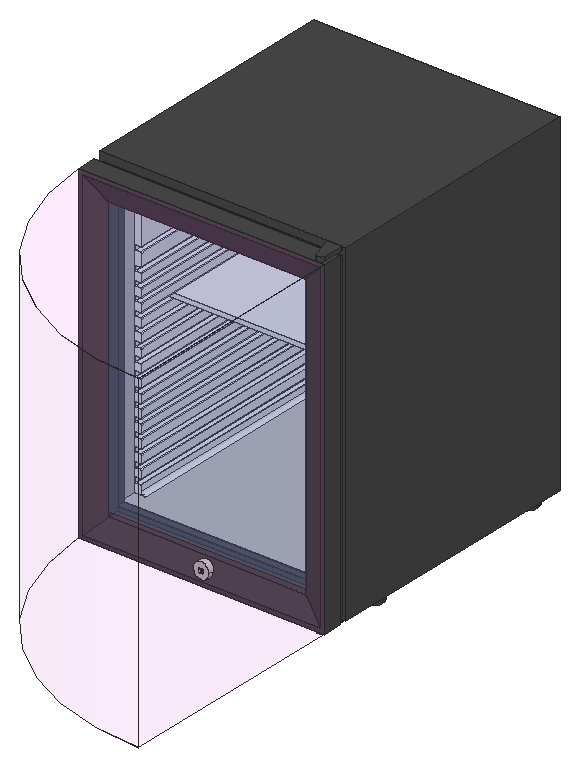
Revit family "Qf_Summit_MB27G_16 inches Wide Compact Minibar", category Specialty Equipment, Revit 2020
Family settings
  Round Connector Dimension = Use Diameter
  Part Type = Normal
  Work Plane-Based = No
  Always vertical = Yes
  Cut with Voids When Loaded = No
  Shared = No
  Room Calculation Point = No
Parameters
  Weight in Pounds = 55
  Watts = 259000 W
  Volts = 115 V
  URL Cutsheet = ""
  Specification by User = ""
  Specification by Manufacturer = ""
  Show Clearance [instance] = yes
  Serial Number = ""
  Seismic Rating = ""
  SMACNA No = ""
  Revision Code = ""
  Refrigerant Volume = 0.00 kip
  Refrigerant Type = "R600a"
  Phase = 1
  Number of Poles = 1
  NAFEM Spec ID Number = ""
  Model = "MB27G"
  Min Ckt Ampacity = 0 A
  Max Overcurrent Protection = 0 A
  Masterspec = ""
  Manufacturer = "Summit"
  Length = 15 7/8"
  Item Number = ""
  Installed By = ""
  Identify Quantity as Lot = yes
  Height = 22 1/4"
  HP = ""
  Furnished By = ""
  Foodservice Equipment Identifier = yes
  FL Amps = 0.4 A
  Electrical Remarks = ""
  Electric Connection Type = ""
  Elec Conn RI Height = 0"
  Elec Conn Connection Height = 0"
  Description = "16\" Wide Compact Minibar"
  Depth = 19"
  Default Elevation = 0"
  Cycle = 60 Hz
  Conn Plug = ""
  Conn Conduit = yes
  CSI MasterFormat = ""
  BTUH = 0.0 Btu/h
  Apparent Power = if(Phase = 3, Volts * FL Amps * 1.73, Volts * FL Amps)  # 46 VA
Reference planes (in)
  plane 1 "BACK": y = 0
  plane 2: z = 0
  plane 3 "LEFT": x = 0
  plane 4 "RIGHT": x = 15.875
  plane 5 "FRONT": y = -19
  plane 6 "TOP": z = 22.25
  plane 7 "Center Y": x = 7.9375
  plane 8 "Center X": y = -9.5
  plane 9: z = 0.625
  plane 10: y = -34
  plane 11: y = -17.25
  plane 12: y = -17.75
  plane 13: z = 22
  plane 14: z = 20.4375
  plane 15: z = 2.5625
Forms (in)
  Extrusion 1, solid, material "QF_Plastic_Epoxy_Black"
    sketch origin (0, 0, 22.25) x (1, 0, 0) y (0, 1, 0)
      loop
        line (14.71697, -17.25011) -> (15.13485, -18.69458)
        arc (15.13485, -18.69458) -> (15.41008, -18.87263) -> (15.625, -18.62511) r 0.25
        line (15.625, -18.62511) -> (15.625, -17.31261)
        arc (15.625, -17.31261) -> (15.60669, -17.26841) -> (15.5625, -17.25011) r 0.0625
        line (15.5625, -17.25011) -> (14.71697, -17.25011)
    from -0.25 to 0
  Extrusion 2, solid, material "QF_Plastic_Epoxy_Black"
    sketch origin (0, 0, 0.87467) x (1, 0, 0) y (0, 1, 0)
      loop
        arc (15.13485, -18.69458) -> (15.41008, -18.87263) -> (15.625, -18.62511) r 0.25
        line (15.625, -18.62511) -> (15.625, -16.96875)
        arc (15.625, -16.96875) -> (15.60669, -16.92456) -> (15.5625, -16.90625) r 0.0625
        line (15.5625, -16.90625) -> (14.6175, -16.90625) -> (15.13485, -18.69458)
    from -0.38975 to -0.24967
  Extrusion 3, solid, material "QF_Plastic_Epoxy_Black"
    sketch origin (0, 0, 22.25) x (1, 0, 0) y (0, 1, 0)
      loop
        line (0.25, -17.25) -> (0.25, -17.75) -> (15.625, -17.75) -> (15.625, -17.25) -> (0.25, -17.25)
    from -0.5 to -21.375
  Revolve 4, solid, material "QF_Plastic_Epoxy_Black"
    sketch origin (-0.25, -13.75, 0) x (0, 0, 1) y (-1, 0, 0)
      loop
        line (0.625, -1) -> (0.37596, -1) -> (0.37596, -0.65625) -> (0, -0.65625) -> (0, -1.25) -> (0.625, -1.25) -> (0.625, -1)
      axis (0, -1.25) -> (0.625, -1.25)
    angle from 0 to 360
  Revolve 5, solid, material "QF_Plastic_Epoxy_Black"
    sketch origin (-0.25, -1.25, 0) x (0, 0, 1) y (-1, 0, 0)
      loop
        line (0.625, -1) -> (0.37596, -1) -> (0.37596, -0.65625) -> (0, -0.65625) -> (0, -1.25) -> (0.625, -1.25) -> (0.625, -1)
      axis (0, -1.25) -> (0.625, -1.25)
    angle from 0 to 360
  Extrusion 6, solid, material "QF_Clearances_Door_Drawer"
    sketch origin (0, 0, 22.25) x (1, 0, 0) y (0, 1, 0)
      loop
        arc (0, -19) -> (4.93079, -29.6821) -> (15.875, -34) r 15.80892
        line (15.875, -34) -> (15.875, -19) -> (0, -19)
    from -21.625 to -0.25
  Extrusion 7, void
    sketch origin (15.73197, -18.54004, 0) x (1, 0, 0) y (0, 0, -1)
      loop
        line (-14.23197, -20.4375) -> (-1.35697, -20.4375) -> (-1.35697, -2.5) -> (-14.23197, -2.5) -> (-14.23197, -20.4375)
    from -0.45996 to 1.29004
  Extrusion 8, void
    sketch origin (23.88, 0, 0) x (0, 1, 0) y (0, 0, 1)
      loop
        line (-17.25, 20.4375) -> (-17.25, 2.5) -> (-1.84913, 2.5) -> (-1.84913, 20.4375) -> (-17.25, 20.4375)
    from -22.5675 to -9.3175
  Extrusion 9, solid, material "Glass"
    sketch origin (0, -17.75, 0) x (1, 0, 0) y (0, 0, -1)
      loop
        line (1.5, -20.4375) -> (14.375, -20.4375) -> (14.375, -2.5) -> (1.5, -2.5) -> (1.5, -20.4375)
    from -0.79004 to 0
  Extrusion 10, solid, material "QF_Plastic_White_Smooth"
    sketch origin (7.9375, -18.94531, 1.75) x (0, 0, -1) y (1, 0, 0)
      loop
        line (-18.6875, -5.875) -> (-18.6875, -6.625) -> (-0.75, -6.625) -> (-0.75, -5.875)
        arc (-0.75, -5.875) -> (-0.82322, -6.05178) -> (-1, -6.125) r 0.25
        line (-1, -6.125) -> (-1.34375, -6.125)
        arc (-1.34375, -6.125) -> (-1.36585, -6.13415) -> (-1.375, -6.15625) r 0.03125
        line (-1.375, -6.15625) -> (-1.375, -6.46875)
        arc (-1.375, -6.46875) -> (-1.38415, -6.49085) -> (-1.40625, -6.5) r 0.03125
        line (-1.40625, -6.5) -> (-1.65625, -6.5)
        arc (-1.65625, -6.5) -> (-1.67835, -6.49085) -> (-1.6875, -6.46875) r 0.03125
        line (-1.6875, -6.46875) -> (-1.6875, -6.15625)
        arc (-1.6875, -6.15625) -> (-1.69665, -6.13415) -> (-1.71875, -6.125) r 0.03125
        line (-1.71875, -6.125) -> (-2.21875, -6.125)
        arc (-2.21875, -6.125) -> (-2.24085, -6.13415) -> (-2.25, -6.15625) r 0.03125
        line (-2.25, -6.15625) -> (-2.25, -6.46875)
        arc (-2.25, -6.46875) -> (-2.25915, -6.49085) -> (-2.28125, -6.5) r 0.03125
        line (-2.28125, -6.5) -> (-2.53125, -6.5)
        arc (-2.53125, -6.5) -> (-2.55335, -6.49085) -> (-2.5625, -6.46875) r 0.03125
        line (-2.5625, -6.46875) -> (-2.5625, -6.15625)
        arc (-2.5625, -6.15625) -> (-2.57165, -6.13415) -> (-2.59375, -6.125) r 0.03125
        line (-2.59375, -6.125) -> (-3.09375, -6.125)
        arc (-3.09375, -6.125) -> (-3.11585, -6.13415) -> (-3.125, -6.15625) r 0.03125
        line (-3.125, -6.15625) -> (-3.125, -6.46875)
        arc (-3.125, -6.46875) -> (-3.13415, -6.49085) -> (-3.15625, -6.5) r 0.03125
        line (-3.15625, -6.5) -> (-3.40625, -6.5)
        arc (-3.40625, -6.5) -> (-3.42835, -6.49085) -> (-3.4375, -6.46875) r 0.03125
        line (-3.4375, -6.46875) -> (-3.4375, -6.15625)
        arc (-3.4375, -6.15625) -> (-3.44665, -6.13415) -> (-3.46875, -6.125) r 0.03125
        line (-3.46875, -6.125) -> (-3.96875, -6.125)
        arc (-3.96875, -6.125) -> (-3.99085, -6.13415) -> (-4, -6.15625) r 0.03125
        line (-4, -6.15625) -> (-4, -6.46875)
        arc (-4, -6.46875) -> (-4.00915, -6.49085) -> (-4.03125, -6.5) r 0.03125
        line (-4.03125, -6.5) -> (-4.28125, -6.5)
        arc (-4.28125, -6.5) -> (-4.30335, -6.49085) -> (-4.3125, -6.46875) r 0.03125
        line (-4.3125, -6.46875) -> (-4.3125, -6.15625)
        arc (-4.3125, -6.15625) -> (-4.32165, -6.13415) -> (-4.34375, -6.125) r 0.03125
        line (-4.34375, -6.125) -> (-4.84375, -6.125)
        arc (-4.84375, -6.125) -> (-4.86585, -6.13415) -> (-4.875, -6.15625) r 0.03125
        line (-4.875, -6.15625) -> (-4.875, -6.46875)
        arc (-4.875, -6.46875) -> (-4.88415, -6.49085) -> (-4.90625, -6.5) r 0.03125
        line (-4.90625, -6.5) -> (-5.15625, -6.5)
        arc (-5.15625, -6.5) -> (-5.17835, -6.49085) -> (-5.1875, -6.46875) r 0.03125
        line (-5.1875, -6.46875) -> (-5.1875, -6.15625)
        arc (-5.1875, -6.15625) -> (-5.19665, -6.13415) -> (-5.21875, -6.125) r 0.03125
        line (-5.21875, -6.125) -> (-5.71875, -6.125)
        arc (-5.71875, -6.125) -> (-5.74085, -6.13415) -> (-5.75, -6.15625) r 0.03125
        line (-5.75, -6.15625) -> (-5.75, -6.46875)
        arc (-5.75, -6.46875) -> (-5.75915, -6.49085) -> (-5.78125, -6.5) r 0.03125
        line (-5.78125, -6.5) -> (-6.03125, -6.5)
        arc (-6.03125, -6.5) -> (-6.05335, -6.49085) -> (-6.0625, -6.46875) r 0.03125
        line (-6.0625, -6.46875) -> (-6.0625, -6.15625)
        arc (-6.0625, -6.15625) -> (-6.07165, -6.13415) -> (-6.09375, -6.125) r 0.03125
        line (-6.09375, -6.125) -> (-6.59375, -6.125)
        arc (-6.59375, -6.125) -> (-6.61585, -6.13415) -> (-6.625, -6.15625) r 0.03125
        line (-6.625, -6.15625) -> (-6.625, -6.46875)
        arc (-6.625, -6.46875) -> (-6.63415, -6.49085) -> (-6.65625, -6.5) r 0.03125
        line (-6.65625, -6.5) -> (-6.90625, -6.5)
        arc (-6.90625, -6.5) -> (-6.92835, -6.49085) -> (-6.9375, -6.46875) r 0.03125
        line (-6.9375, -6.46875) -> (-6.9375, -6.15625)
        arc (-6.9375, -6.15625) -> (-6.94665, -6.13415) -> (-6.96875, -6.125) r 0.03125
        line (-6.96875, -6.125) -> (-7.46875, -6.125)
        arc (-7.46875, -6.125) -> (-7.49085, -6.13415) -> (-7.5, -6.15625) r 0.03125
        line (-7.5, -6.15625) -> (-7.5, -6.46875)
        arc (-7.5, -6.46875) -> (-7.50915, -6.49085) -> (-7.53125, -6.5) r 0.03125
        line (-7.53125, -6.5) -> (-7.78125, -6.5)
        arc (-7.78125, -6.5) -> (-7.80335, -6.49085) -> (-7.8125, -6.46875) r 0.03125
        line (-7.8125, -6.46875) -> (-7.8125, -6.15625)
        arc (-7.8125, -6.15625) -> (-7.82165, -6.13415) -> (-7.84375, -6.125) r 0.03125
        line (-7.84375, -6.125) -> (-8.34375, -6.125)
        arc (-8.34375, -6.125) -> (-8.36585, -6.13415) -> (-8.375, -6.15625) r 0.03125
        line (-8.375, -6.15625) -> (-8.375, -6.46875)
        arc (-8.375, -6.46875) -> (-8.38415, -6.49085) -> (-8.40625, -6.5) r 0.03125
        line (-8.40625, -6.5) -> (-8.65625, -6.5)
        arc (-8.65625, -6.5) -> (-8.67835, -6.49085) -> (-8.6875, -6.46875) r 0.03125
        line (-8.6875, -6.46875) -> (-8.6875, -6.15625)
        arc (-8.6875, -6.15625) -> (-8.69665, -6.13415) -> (-8.71875, -6.125) r 0.03125
        line (-8.71875, -6.125) -> (-9.21875, -6.125)
        arc (-9.21875, -6.125) -> (-9.24085, -6.13415) -> (-9.25, -6.15625) r 0.03125
        line (-9.25, -6.15625) -> (-9.25, -6.46875)
        arc (-9.25, -6.46875) -> (-9.25915, -6.49085) -> (-9.28125, -6.5) r 0.03125
        line (-9.28125, -6.5) -> (-9.53125, -6.5)
        arc (-9.53125, -6.5) -> (-9.55335, -6.49085) -> (-9.5625, -6.46875) r 0.03125
        line (-9.5625, -6.46875) -> (-9.5625, -6.15625)
        arc (-9.5625, -6.15625) -> (-9.57165, -6.13415) -> (-9.59375, -6.125) r 0.03125
        line (-9.59375, -6.125) -> (-10.09375, -6.125)
        arc (-10.09375, -6.125) -> (-10.11585, -6.13415) -> (-10.125, -6.15625) r 0.03125
        line (-10.125, -6.15625) -> (-10.125, -6.46875)
        arc (-10.125, -6.46875) -> (-10.13415, -6.49085) -> (-10.15625, -6.5) r 0.03125
        line (-10.15625, -6.5) -> (-10.40625, -6.5)
        arc (-10.40625, -6.5) -> (-10.42835, -6.49085) -> (-10.4375, -6.46875) r 0.03125
        line (-10.4375, -6.46875) -> (-10.4375, -6.15625)
        arc (-10.4375, -6.15625) -> (-10.44665, -6.13415) -> (-10.46875, -6.125) r 0.03125
        line (-10.46875, -6.125) -> (-10.96875, -6.125)
        arc (-10.96875, -6.125) -> (-10.99085, -6.13415) -> (-11, -6.15625) r 0.03125
        line (-11, -6.15625) -> (-11, -6.46875)
        arc (-11, -6.46875) -> (-11.00915, -6.49085) -> (-11.03125, -6.5) r 0.03125
        line (-11.03125, -6.5) -> (-11.28125, -6.5)
        arc (-11.28125, -6.5) -> (-11.30335, -6.49085) -> (-11.3125, -6.46875) r 0.03125
        line (-11.3125, -6.46875) -> (-11.3125, -6.15625)
        arc (-11.3125, -6.15625) -> (-11.32165, -6.13415) -> (-11.34375, -6.125) r 0.03125
        line (-11.34375, -6.125) -> (-11.84375, -6.125)
        arc (-11.84375, -6.125) -> (-11.86585, -6.13415) -> (-11.875, -6.15625) r 0.03125
        line (-11.875, -6.15625) -> (-11.875, -6.46875)
        arc (-11.875, -6.46875) -> (-11.88415, -6.49085) -> (-11.90625, -6.5) r 0.03125
        line (-11.90625, -6.5) -> (-12.15625, -6.5)
        arc (-12.15625, -6.5) -> (-12.17835, -6.49085) -> (-12.1875, -6.46875) r 0.03125
        line (-12.1875, -6.46875) -> (-12.1875, -6.15625)
        arc (-12.1875, -6.15625) -> (-12.19665, -6.13415) -> (-12.21875, -6.125) r 0.03125
        line (-12.21875, -6.125) -> (-12.71875, -6.125)
        arc (-12.71875, -6.125) -> (-12.74085, -6.13415) -> (-12.75, -6.15625) r 0.03125
        line (-12.75, -6.15625) -> (-12.75, -6.46875)
        arc (-12.75, -6.46875) -> (-12.75915, -6.49085) -> (-12.78125, -6.5) r 0.03125
        line (-12.78125, -6.5) -> (-13.03125, -6.5)
        arc (-13.03125, -6.5) -> (-13.05335, -6.49085) -> (-13.0625, -6.46875) r 0.03125
        line (-13.0625, -6.46875) -> (-13.0625, -6.15625)
        arc (-13.0625, -6.15625) -> (-13.07165, -6.13415) -> (-13.09375, -6.125) r 0.03125
        line (-13.09375, -6.125) -> (-13.59375, -6.125)
        arc (-13.59375, -6.125) -> (-13.61585, -6.13415) -> (-13.625, -6.15625) r 0.03125
        line (-13.625, -6.15625) -> (-13.625, -6.46875)
        arc (-13.625, -6.46875) -> (-13.63415, -6.49085) -> (-13.65625, -6.5) r 0.03125
        line (-13.65625, -6.5) -> (-13.90625, -6.5)
        arc (-13.90625, -6.5) -> (-13.92835, -6.49085) -> (-13.9375, -6.46875) r 0.03125
        line (-13.9375, -6.46875) -> (-13.9375, -6.15625)
        arc (-13.9375, -6.15625) -> (-13.94665, -6.13415) -> (-13.96875, -6.125) r 0.03125
        line (-13.96875, -6.125) -> (-14.78125, -6.125)
        arc (-14.78125, -6.125) -> (-14.80335, -6.13415) -> (-14.8125, -6.15625) r 0.03125
        line (-14.8125, -6.15625) -> (-14.8125, -6.46875)
        arc (-14.8125, -6.46875) -> (-14.82165, -6.49085) -> (-14.84375, -6.5) r 0.03125
        line (-14.84375, -6.5) -> (-15.09375, -6.5)
        arc (-15.09375, -6.5) -> (-15.11585, -6.49085) -> (-15.125, -6.46875) r 0.03125
        line (-15.125, -6.46875) -> (-15.125, -6.15625)
        arc (-15.125, -6.15625) -> (-15.13415, -6.13415) -> (-15.15625, -6.125) r 0.03125
        line (-15.15625, -6.125) -> (-18.4375, -6.125)
        arc (-18.4375, -6.125) -> (-18.61428, -6.05178) -> (-18.6875, -5.875) r 0.25
      loop
        arc (-18.6875, 5.875) -> (-18.61428, 6.05178) -> (-18.4375, 6.125) r 0.25
        line (-18.4375, 6.125) -> (-15.15625, 6.125)
        arc (-15.15625, 6.125) -> (-15.13415, 6.13415) -> (-15.125, 6.15625) r 0.03125
        line (-15.125, 6.15625) -> (-15.125, 6.46875)
        arc (-15.125, 6.46875) -> (-15.11585, 6.49085) -> (-15.09375, 6.5) r 0.03125
        line (-15.09375, 6.5) -> (-14.84375, 6.5)
        arc (-14.84375, 6.5) -> (-14.82165, 6.49085) -> (-14.8125, 6.46875) r 0.03125
        line (-14.8125, 6.46875) -> (-14.8125, 6.15625)
        arc (-14.8125, 6.15625) -> (-14.80335, 6.13415) -> (-14.78125, 6.125) r 0.03125
        line (-14.78125, 6.125) -> (-13.96875, 6.125)
        arc (-13.96875, 6.125) -> (-13.94665, 6.13415) -> (-13.9375, 6.15625) r 0.03125
        line (-13.9375, 6.15625) -> (-13.9375, 6.46875)
        arc (-13.9375, 6.46875) -> (-13.92835, 6.49085) -> (-13.90625, 6.5) r 0.03125
        line (-13.90625, 6.5) -> (-13.65625, 6.5)
        arc (-13.65625, 6.5) -> (-13.63415, 6.49085) -> (-13.625, 6.46875) r 0.03125
        line (-13.625, 6.46875) -> (-13.625, 6.15625)
        arc (-13.625, 6.15625) -> (-13.61585, 6.13415) -> (-13.59375, 6.125) r 0.03125
        line (-13.59375, 6.125) -> (-13.09375, 6.125)
        arc (-13.09375, 6.125) -> (-13.07165, 6.13415) -> (-13.0625, 6.15625) r 0.03125
        line (-13.0625, 6.15625) -> (-13.0625, 6.46875)
        arc (-13.0625, 6.46875) -> (-13.05335, 6.49085) -> (-13.03125, 6.5) r 0.03125
        line (-13.03125, 6.5) -> (-12.78125, 6.5)
        arc (-12.78125, 6.5) -> (-12.75915, 6.49085) -> (-12.75, 6.46875) r 0.03125
        line (-12.75, 6.46875) -> (-12.75, 6.15625)
        arc (-12.75, 6.15625) -> (-12.74085, 6.13415) -> (-12.71875, 6.125) r 0.03125
        line (-12.71875, 6.125) -> (-12.21875, 6.125)
        arc (-12.21875, 6.125) -> (-12.19665, 6.13415) -> (-12.1875, 6.15625) r 0.03125
        line (-12.1875, 6.15625) -> (-12.1875, 6.46875)
        arc (-12.1875, 6.46875) -> (-12.17835, 6.49085) -> (-12.15625, 6.5) r 0.03125
        line (-12.15625, 6.5) -> (-11.90625, 6.5)
        arc (-11.90625, 6.5) -> (-11.88415, 6.49085) -> (-11.875, 6.46875) r 0.03125
        line (-11.875, 6.46875) -> (-11.875, 6.15625)
        arc (-11.875, 6.15625) -> (-11.86585, 6.13415) -> (-11.84375, 6.125) r 0.03125
        line (-11.84375, 6.125) -> (-11.34375, 6.125)
        arc (-11.34375, 6.125) -> (-11.32165, 6.13415) -> (-11.3125, 6.15625) r 0.03125
        line (-11.3125, 6.15625) -> (-11.3125, 6.46875)
        arc (-11.3125, 6.46875) -> (-11.30335, 6.49085) -> (-11.28125, 6.5) r 0.03125
        line (-11.28125, 6.5) -> (-11.03125, 6.5)
        arc (-11.03125, 6.5) -> (-11.00915, 6.49085) -> (-11, 6.46875) r 0.03125
        line (-11, 6.46875) -> (-11, 6.15625)
        arc (-11, 6.15625) -> (-10.99085, 6.13415) -> (-10.96875, 6.125) r 0.03125
        line (-10.96875, 6.125) -> (-10.46875, 6.125)
        arc (-10.46875, 6.125) -> (-10.44665, 6.13415) -> (-10.4375, 6.15625) r 0.03125
        line (-10.4375, 6.15625) -> (-10.4375, 6.46875)
        arc (-10.4375, 6.46875) -> (-10.42835, 6.49085) -> (-10.40625, 6.5) r 0.03125
        line (-10.40625, 6.5) -> (-10.15625, 6.5)
        arc (-10.15625, 6.5) -> (-10.13415, 6.49085) -> (-10.125, 6.46875) r 0.03125
        line (-10.125, 6.46875) -> (-10.125, 6.15625)
        arc (-10.125, 6.15625) -> (-10.11585, 6.13415) -> (-10.09375, 6.125) r 0.03125
        line (-10.09375, 6.125) -> (-9.59375, 6.125)
        arc (-9.59375, 6.125) -> (-9.57165, 6.13415) -> (-9.5625, 6.15625) r 0.03125
        line (-9.5625, 6.15625) -> (-9.5625, 6.46875)
        arc (-9.5625, 6.46875) -> (-9.55335, 6.49085) -> (-9.53125, 6.5) r 0.03125
        line (-9.53125, 6.5) -> (-9.28125, 6.5)
        arc (-9.28125, 6.5) -> (-9.25915, 6.49085) -> (-9.25, 6.46875) r 0.03125
        line (-9.25, 6.46875) -> (-9.25, 6.15625)
        arc (-9.25, 6.15625) -> (-9.24085, 6.13415) -> (-9.21875, 6.125) r 0.03125
        line (-9.21875, 6.125) -> (-8.71875, 6.125)
        arc (-8.71875, 6.125) -> (-8.69665, 6.13415) -> (-8.6875, 6.15625) r 0.03125
        line (-8.6875, 6.15625) -> (-8.6875, 6.46875)
        arc (-8.6875, 6.46875) -> (-8.67835, 6.49085) -> (-8.65625, 6.5) r 0.03125
        line (-8.65625, 6.5) -> (-8.40625, 6.5)
        arc (-8.40625, 6.5) -> (-8.38415, 6.49085) -> (-8.375, 6.46875) r 0.03125
        line (-8.375, 6.46875) -> (-8.375, 6.15625)
        arc (-8.375, 6.15625) -> (-8.36585, 6.13415) -> (-8.34375, 6.125) r 0.03125
        line (-8.34375, 6.125) -> (-7.84375, 6.125)
        arc (-7.84375, 6.125) -> (-7.82165, 6.13415) -> (-7.8125, 6.15625) r 0.03125
        line (-7.8125, 6.15625) -> (-7.8125, 6.46875)
        arc (-7.8125, 6.46875) -> (-7.80335, 6.49085) -> (-7.78125, 6.5) r 0.03125
        line (-7.78125, 6.5) -> (-7.53125, 6.5)
        arc (-7.53125, 6.5) -> (-7.50915, 6.49085) -> (-7.5, 6.46875) r 0.03125
        line (-7.5, 6.46875) -> (-7.5, 6.15625)
        arc (-7.5, 6.15625) -> (-7.49085, 6.13415) -> (-7.46875, 6.125) r 0.03125
        line (-7.46875, 6.125) -> (-6.96875, 6.125)
        arc (-6.96875, 6.125) -> (-6.94665, 6.13415) -> (-6.9375, 6.15625) r 0.03125
        line (-6.9375, 6.15625) -> (-6.9375, 6.46875)
        arc (-6.9375, 6.46875) -> (-6.92835, 6.49085) -> (-6.90625, 6.5) r 0.03125
        line (-6.90625, 6.5) -> (-6.65625, 6.5)
        arc (-6.65625, 6.5) -> (-6.63415, 6.49085) -> (-6.625, 6.46875) r 0.03125
        line (-6.625, 6.46875) -> (-6.625, 6.15625)
        arc (-6.625, 6.15625) -> (-6.61585, 6.13415) -> (-6.59375, 6.125) r 0.03125
        line (-6.59375, 6.125) -> (-6.09375, 6.125)
        arc (-6.09375, 6.125) -> (-6.07165, 6.13415) -> (-6.0625, 6.15625) r 0.03125
        line (-6.0625, 6.15625) -> (-6.0625, 6.46875)
        arc (-6.0625, 6.46875) -> (-6.05335, 6.49085) -> (-6.03125, 6.5) r 0.03125
        line (-6.03125, 6.5) -> (-5.78125, 6.5)
        arc (-5.78125, 6.5) -> (-5.75915, 6.49085) -> (-5.75, 6.46875) r 0.03125
        line (-5.75, 6.46875) -> (-5.75, 6.15625)
        arc (-5.75, 6.15625) -> (-5.74085, 6.13415) -> (-5.71875, 6.125) r 0.03125
        line (-5.71875, 6.125) -> (-5.21875, 6.125)
        arc (-5.21875, 6.125) -> (-5.19665, 6.13415) -> (-5.1875, 6.15625) r 0.03125
        line (-5.1875, 6.15625) -> (-5.1875, 6.46875)
        arc (-5.1875, 6.46875) -> (-5.17835, 6.49085) -> (-5.15625, 6.5) r 0.03125
        line (-5.15625, 6.5) -> (-4.90625, 6.5)
        arc (-4.90625, 6.5) -> (-4.88415, 6.49085) -> (-4.875, 6.46875) r 0.03125
        line (-4.875, 6.46875) -> (-4.875, 6.15625)
        arc (-4.875, 6.15625) -> (-4.86585, 6.13415) -> (-4.84375, 6.125) r 0.03125
        line (-4.84375, 6.125) -> (-4.34375, 6.125)
        arc (-4.34375, 6.125) -> (-4.32165, 6.13415) -> (-4.3125, 6.15625) r 0.03125
        line (-4.3125, 6.15625) -> (-4.3125, 6.46875)
        arc (-4.3125, 6.46875) -> (-4.30335, 6.49085) -> (-4.28125, 6.5) r 0.03125
        line (-4.28125, 6.5) -> (-4.03125, 6.5)
        arc (-4.03125, 6.5) -> (-4.00915, 6.49085) -> (-4, 6.46875) r 0.03125
        line (-4, 6.46875) -> (-4, 6.15625)
        arc (-4, 6.15625) -> (-3.99085, 6.13415) -> (-3.96875, 6.125) r 0.03125
        line (-3.96875, 6.125) -> (-3.46875, 6.125)
        arc (-3.46875, 6.125) -> (-3.44665, 6.13415) -> (-3.4375, 6.15625) r 0.03125
        line (-3.4375, 6.15625) -> (-3.4375, 6.46875)
        arc (-3.4375, 6.46875) -> (-3.42835, 6.49085) -> (-3.40625, 6.5) r 0.03125
        line (-3.40625, 6.5) -> (-3.15625, 6.5)
        arc (-3.15625, 6.5) -> (-3.13415, 6.49085) -> (-3.125, 6.46875) r 0.03125
        line (-3.125, 6.46875) -> (-3.125, 6.15625)
        arc (-3.125, 6.15625) -> (-3.11585, 6.13415) -> (-3.09375, 6.125) r 0.03125
        line (-3.09375, 6.125) -> (-2.59375, 6.125)
        arc (-2.59375, 6.125) -> (-2.57165, 6.13415) -> (-2.5625, 6.15625) r 0.03125
        line (-2.5625, 6.15625) -> (-2.5625, 6.46875)
        arc (-2.5625, 6.46875) -> (-2.55335, 6.49085) -> (-2.53125, 6.5) r 0.03125
        line (-2.53125, 6.5) -> (-2.28125, 6.5)
        arc (-2.28125, 6.5) -> (-2.25915, 6.49085) -> (-2.25, 6.46875) r 0.03125
        line (-2.25, 6.46875) -> (-2.25, 6.15625)
        arc (-2.25, 6.15625) -> (-2.24085, 6.13415) -> (-2.21875, 6.125) r 0.03125
        line (-2.21875, 6.125) -> (-1.71875, 6.125)
        arc (-1.71875, 6.125) -> (-1.69665, 6.13415) -> (-1.6875, 6.15625) r 0.03125
        line (-1.6875, 6.15625) -> (-1.6875, 6.46875)
        arc (-1.6875, 6.46875) -> (-1.67835, 6.49085) -> (-1.65625, 6.5) r 0.03125
        line (-1.65625, 6.5) -> (-1.40625, 6.5)
        arc (-1.40625, 6.5) -> (-1.38415, 6.49085) -> (-1.375, 6.46875) r 0.03125
        line (-1.375, 6.46875) -> (-1.375, 6.15625)
        arc (-1.375, 6.15625) -> (-1.36585, 6.13415) -> (-1.34375, 6.125) r 0.03125
        line (-1.34375, 6.125) -> (-1, 6.125)
        arc (-1, 6.125) -> (-0.82322, 6.05178) -> (-0.75, 5.875) r 0.25
        line (-0.75, 5.875) -> (-0.75, 6.625) -> (-18.6875, 6.625) -> (-18.6875, 5.875)
    from -2.76904 to -17.09619
  Sweep 11, solid, material "QF_Plastic_Epoxy_Black"
    path origin (7.9375, -18.94531, 1.75) x (0, 0, -1) y (1, 0, 0)
      loop
        line (-20.25, -7.9375) -> (1.125, -7.9375) -> (1.125, 7.9375) -> (-20.25, 7.9375) -> (-20.25, -7.9375)
    profile origin (7.9375, -18.94531, 22) x (0, 0, 1) y (0, -1, 0)
      loop
        line (-1.5625, -0.40527) -> (-1.5625, -1.19531) -> (0, -1.19531) -> (0, 0.05469) -> (-0.25, 0.05469) -> (-1.5625, -0.40527)
  Extrusion 12, solid, material "QF_Plastic_Epoxy_Black"
    sketch origin (0, 0, 0) x (1, 0, 0) y (0, 0, 1)
      loop
        circle (13.875, 1.625) r 0.25
    from 0 to -0.05019
  Blend 13, solid, material "QF_Metal_Stainless_Polished"
    base sketch origin (0.25, -19, 21.875) x (1, 0, 0) y (0, 0, 1)
      loop
        circle (7.6875, -20.35924) r 0.5625
    top sketch origin (0.25, -19, 21.875) x (1, 0, 0) y (0, 0, 1)
      loop
        circle (7.6875, -20.35924) r 0.5
    from -0.45996 to 0
  Extrusion 14, void
    sketch origin (0.25, -19, 21.875) x (-1, 0, 0) y (0, 0, 1)
      loop
        circle (-7.6875, -20.35924) r 0.1875
      loop
        circle (-7.6875, -20.35924) r 0.0625
    from 0 to 0.57824
  Revolve 15, solid, material "QF_Plastic_Epoxy_Black"
    sketch origin (16.125, -13.75, 0) x (0, 0, 1) y (-1, 0, 0)
      loop
        line (0.625, 1) -> (0.625, 1.25) -> (0, 1.25) -> (0, 0.65625) -> (0.37596, 0.65625) -> (0.37596, 1) -> (0.625, 1)
      axis (0, 1.25) -> (0.625, 1.25)
    angle from 0 to 360
  Revolve 16, solid, material "QF_Plastic_Epoxy_Black"
    sketch origin (16.125, -1.25, 0) x (0, 0, 1) y (-1, 0, 0)
      loop
        line (0.625, 1) -> (0.625, 1.25) -> (0, 1.25) -> (0, 0.65625) -> (0.37596, 0.65625) -> (0.37596, 1) -> (0.625, 1)
      axis (0, 1.25) -> (0.625, 1.25)
    angle from 0 to 360
  Extrusion 17, solid, material "QF_Plastic_White_Smooth"
    sketch origin (0.25, -19, 22.21875) x (1, 0, 0) y (0, 0, 1)
      loop
        line (1.375, -9.1875) -> (1.375, -9.46875) -> (14.0625, -9.46875) -> (14.0625, -9.1875) -> (1.375, -9.1875)
    from -15.9689 to -5.45151
  Extrusion 18, solid, material "QF_Plastic_Epoxy_Black"
    sketch origin (0, 0, 0) x (1, 0, 0) y (0, 1, 0)
      loop
        line (0, 0) -> (0, -17.25) -> (15.875, -17.25) -> (15.875, 0) -> (0, 0)
    from 0.625 to 22.25
Cuts and joins
  Extrusion 7 cuts Extrusion 3
  joined: Sweep 11, Extrusion 12
  Extrusion 14 cuts Extrusion 6
  Extrusion 14 cuts Blend 13
  Extrusion 8 cuts Extrusion 18
Lines and regions (in)
  Split face 1
    outline origin (-5.61308, 0, 22.25) x (1, 0, 0) y (0, 1, 0)
      loop
        arc (6.48808, -0.375) -> (6.30058, -0.5625) -> (6.48808, -0.75) r 0.1875
        line (6.48808, -0.75) -> (8.61308, -0.75)
        arc (8.61308, -0.75) -> (8.80058, -0.5625) -> (8.61308, -0.375) r 0.1875
        line (8.61308, -0.375) -> (6.48808, -0.375)
  Split face 2
    outline origin (-5.61308, -2.94168, 22.25) x (1, 0, 0) y (0, 1, 0)
      loop
        arc (6.48808, 1.09584) -> (6.30058, 0.90834) -> (6.48808, 0.72084) r 0.1875
        line (6.48808, 0.72084) -> (8.61308, 0.72084)
        arc (8.61308, 0.72084) -> (8.80058, 0.90834) -> (8.61308, 1.09584) r 0.1875
        line (8.61308, 1.09584) -> (6.48808, 1.09584)
  Split face 3
    outline origin (-5.61308, -1.47084, 22.25) x (1, 0, 0) y (0, 1, 0)
      loop
        arc (6.48808, 0.36042) -> (6.30058, 0.17292) -> (6.48808, -0.01458) r 0.1875
        line (6.48808, -0.01458) -> (8.61308, -0.01458)
        arc (8.61308, -0.01458) -> (8.80058, 0.17292) -> (8.61308, 0.36042) r 0.1875
        line (8.61308, 0.36042) -> (6.48808, 0.36042)
  Split face 4
    outline origin (18.38692, 0, 22.25) x (1, 0, 0) y (0, 1, 0)
      loop
        arc (-5.51192, -0.375) -> (-5.69942, -0.5625) -> (-5.51192, -0.75) r 0.1875
        line (-5.51192, -0.75) -> (-3.38692, -0.75)
        arc (-3.38692, -0.75) -> (-3.19942, -0.5625) -> (-3.38692, -0.375) r 0.1875
        line (-3.38692, -0.375) -> (-5.51192, -0.375)
  Split face 5
    outline origin (18.38692, -2.94168, 22.25) x (1, 0, 0) y (0, 1, 0)
      loop
        arc (-5.51192, 1.09584) -> (-5.69942, 0.90834) -> (-5.51192, 0.72084) r 0.1875
        line (-5.51192, 0.72084) -> (-3.38692, 0.72084)
        arc (-3.38692, 0.72084) -> (-3.19942, 0.90834) -> (-3.38692, 1.09584) r 0.1875
        line (-3.38692, 1.09584) -> (-5.51192, 1.09584)
  Split face 6
    outline origin (18.38692, -1.47084, 22.25) x (1, 0, 0) y (0, 1, 0)
      loop
        arc (-5.51192, 0.36042) -> (-5.69942, 0.17292) -> (-5.51192, -0.01458) r 0.1875
        line (-5.51192, -0.01458) -> (-3.38692, -0.01458)
        arc (-3.38692, -0.01458) -> (-3.19942, 0.17292) -> (-3.38692, 0.36042) r 0.1875
        line (-3.38692, 0.36042) -> (-5.51192, 0.36042)
  Split face 7
    outline origin (0.38692, 0, 22.25) x (1, 0, 0) y (0, 1, 0)
      loop
        arc (3.48808, -0.375) -> (3.30058, -0.5625) -> (3.48808, -0.75) r 0.1875
        line (3.48808, -0.75) -> (5.61308, -0.75)
        arc (5.61308, -0.75) -> (5.80058, -0.5625) -> (5.61308, -0.375) r 0.1875
        line (5.61308, -0.375) -> (3.48808, -0.375)
  Split face 8
    outline origin (0.38692, -2.94168, 22.25) x (1, 0, 0) y (0, 1, 0)
      loop
        arc (3.48808, 1.09584) -> (3.30058, 0.90834) -> (3.48808, 0.72084) r 0.1875
        line (3.48808, 0.72084) -> (5.61308, 0.72084)
        arc (5.61308, 0.72084) -> (5.80058, 0.90834) -> (5.61308, 1.09584) r 0.1875
        line (5.61308, 1.09584) -> (3.48808, 1.09584)
  Split face 9
    outline origin (0.38692, -1.47084, 22.25) x (1, 0, 0) y (0, 1, 0)
      loop
        arc (3.48808, 0.36042) -> (3.30058, 0.17292) -> (3.48808, -0.01458) r 0.1875
        line (3.48808, -0.01458) -> (5.61308, -0.01458)
        arc (5.61308, -0.01458) -> (5.80058, 0.17292) -> (5.61308, 0.36042) r 0.1875
        line (5.61308, 0.36042) -> (3.48808, 0.36042)
  Split face 10
    outline origin (6.38692, 0, 22.25) x (1, 0, 0) y (0, 1, 0)
      loop
        arc (0.48808, -0.375) -> (0.30058, -0.5625) -> (0.48808, -0.75) r 0.1875
        line (0.48808, -0.75) -> (2.61308, -0.75)
        arc (2.61308, -0.75) -> (2.80058, -0.5625) -> (2.61308, -0.375) r 0.1875
        line (2.61308, -0.375) -> (0.48808, -0.375)
  Split face 11
    outline origin (6.38692, -2.94168, 22.25) x (1, 0, 0) y (0, 1, 0)
      loop
        arc (0.48808, 1.09584) -> (0.30058, 0.90834) -> (0.48808, 0.72084) r 0.1875
        line (0.48808, 0.72084) -> (2.61308, 0.72084)
        arc (2.61308, 0.72084) -> (2.80058, 0.90834) -> (2.61308, 1.09584) r 0.1875
        line (2.61308, 1.09584) -> (0.48808, 1.09584)
  Split face 12
    outline origin (6.38692, -1.47084, 22.25) x (1, 0, 0) y (0, 1, 0)
      loop
        arc (0.48808, 0.36042) -> (0.30058, 0.17292) -> (0.48808, -0.01458) r 0.1875
        line (0.48808, -0.01458) -> (2.61308, -0.01458)
        arc (2.61308, -0.01458) -> (2.80058, 0.17292) -> (2.61308, 0.36042) r 0.1875
        line (2.61308, 0.36042) -> (0.48808, 0.36042)
  Split face 13
    outline origin (12.38692, 0, 22.25) x (1, 0, 0) y (0, 1, 0)
      loop
        arc (-2.51192, -0.375) -> (-2.69942, -0.5625) -> (-2.51192, -0.75) r 0.1875
        line (-2.51192, -0.75) -> (-0.38692, -0.75)
        arc (-0.38692, -0.75) -> (-0.19942, -0.5625) -> (-0.38692, -0.375) r 0.1875
        line (-0.38692, -0.375) -> (-2.51192, -0.375)
  Split face 14
    outline origin (12.38692, -2.94168, 22.25) x (1, 0, 0) y (0, 1, 0)
      loop
        arc (-2.51192, 1.09584) -> (-2.69942, 0.90834) -> (-2.51192, 0.72084) r 0.1875
        line (-2.51192, 0.72084) -> (-0.38692, 0.72084)
        arc (-0.38692, 0.72084) -> (-0.19942, 0.90834) -> (-0.38692, 1.09584) r 0.1875
        line (-0.38692, 1.09584) -> (-2.51192, 1.09584)
  Split face 15
    outline origin (12.38692, -1.47084, 22.25) x (1, 0, 0) y (0, 1, 0)
      loop
        arc (-2.51192, 0.36042) -> (-2.69942, 0.17292) -> (-2.51192, -0.01458) r 0.1875
        line (-2.51192, -0.01458) -> (-0.38692, -0.01458)
        arc (-0.38692, -0.01458) -> (-0.19942, 0.17292) -> (-0.38692, 0.36042) r 0.1875
        line (-0.38692, 0.36042) -> (-2.51192, 0.36042)
  Split face 16
    outline origin (14.5625, -1.84913, 2.5) x (0, 0, 1) y (-1, 0, 0)
      loop
        circle (14.875, 11.875) r 0.15625
  Split face 17
    outline origin (14.5625, -1.84913, 2.5) x (0, 0, 1) y (-1, 0, 0)
      loop
        circle (13.625, 11.875) r 0.15625
  Split face 18
    outline origin (14.5625, -1.84913, 2.5) x (0, 0, 1) y (-1, 0, 0)
      loop
        circle (14.875, 11.125) r 0.15625
  Split face 19
    outline origin (14.5625, -1.84913, 2.5) x (0, 0, 1) y (-1, 0, 0)
      loop
        circle (13.625, 11.125) r 0.15625
  Split face 20
    outline origin (14.5625, -1.84913, 2.5) x (0, 0, 1) y (-1, 0, 0)
      loop
        circle (16.625, 6.625) r 0.75
  Split face 21
    outline origin (14.5625, -1.84913, 2.5) x (0, 0, 1) y (-1, 0, 0)
      loop
        circle (16.625, 6.625) r 0.625
  Split face 22
    outline origin (14.5625, -1.84913, 2.5) x (0, 0, 1) y (-1, 0, 0)
      loop
        circle (16.625, 6.625) r 0.5
  Split face 23
    outline origin (14.5625, -1.84913, 2.5) x (0, 0, 1) y (-1, 0, 0)
      loop
        circle (16.625, 6.625) r 0.375
  Split face 24
    outline origin (14.5625, -1.84913, 2.5) x (0, 0, 1) y (-1, 0, 0)
      loop
        circle (16.625, 6.625) r 0.16322
  Split face 25
    outline origin (14.5625, -1.84913, 2.5) x (0, 0, 1) y (-1, 0, 0)
      loop
        circle (14.875, 10.375) r 0.15625
  Split face 26
    outline origin (14.5625, -1.84913, 2.5) x (0, 0, 1) y (-1, 0, 0)
      loop
        circle (13.625, 10.375) r 0.15625
  Split face 27
    outline origin (14.5625, -1.84913, 2.5) x (0, 0, 1) y (-1, 0, 0)
      loop
        circle (14.875, 9.625) r 0.15625
  Split face 28
    outline origin (14.5625, -1.84913, 2.5) x (0, 0, 1) y (-1, 0, 0)
      loop
        circle (13.625, 9.625) r 0.15625
  Split face 29
    outline origin (14.5625, -1.84913, 2.5) x (0, 0, 1) y (-1, 0, 0)
      loop
        circle (14.875, 8.875) r 0.15625
  Split face 30
    outline origin (14.5625, -1.84913, 2.5) x (0, 0, 1) y (-1, 0, 0)
      loop
        circle (13.625, 8.875) r 0.15625
  Split face 31
    outline origin (14.5625, -1.84913, 2.5) x (0, 0, 1) y (-1, 0, 0)
      loop
        circle (14.875, 8.125) r 0.15625
  Split face 32
    outline origin (14.5625, -1.84913, 2.5) x (0, 0, 1) y (-1, 0, 0)
      loop
        circle (13.625, 8.125) r 0.15625
  Split face 33
    outline origin (14.5625, -1.84913, 2.5) x (0, 0, 1) y (-1, 0, 0)
      loop
        circle (14.875, 7.375) r 0.15625
  Split face 34
    outline origin (14.5625, -1.84913, 2.5) x (0, 0, 1) y (-1, 0, 0)
      loop
        circle (13.625, 7.375) r 0.15625
  Split face 35
    outline origin (14.5625, -1.84913, 2.5) x (0, 0, 1) y (-1, 0, 0)
      loop
        circle (14.875, 6.625) r 0.15625
  Split face 36
    outline origin (14.5625, -1.84913, 2.5) x (0, 0, 1) y (-1, 0, 0)
      loop
        circle (13.625, 6.625) r 0.15625
  Split face 37
    outline origin (14.5625, -1.84913, 2.5) x (0, 0, 1) y (-1, 0, 0)
      loop
        circle (14.875, 5.875) r 0.15625
  Split face 38
    outline origin (14.5625, -1.84913, 2.5) x (0, 0, 1) y (-1, 0, 0)
      loop
        circle (13.625, 5.875) r 0.15625
  Split face 39
    outline origin (14.5625, -1.84913, 2.5) x (0, 0, 1) y (-1, 0, 0)
      loop
        circle (14.875, 5.125) r 0.15625
  Split face 40
    outline origin (14.5625, -1.84913, 2.5) x (0, 0, 1) y (-1, 0, 0)
      loop
        circle (13.625, 5.125) r 0.15625
  Split face 41
    outline origin (14.5625, -1.84913, 2.5) x (0, 0, 1) y (-1, 0, 0)
      loop
        circle (14.875, 4.375) r 0.15625
  Split face 42
    outline origin (14.5625, -1.84913, 2.5) x (0, 0, 1) y (-1, 0, 0)
      loop
        circle (13.625, 4.375) r 0.15625
  Split face 43
    outline origin (14.5625, -1.84913, 2.5) x (0, 0, 1) y (-1, 0, 0)
      loop
        circle (14.875, 3.625) r 0.15625
  Split face 44
    outline origin (14.5625, -1.84913, 2.5) x (0, 0, 1) y (-1, 0, 0)
      loop
        circle (13.625, 3.625) r 0.15625
  Split face 45
    outline origin (14.5625, -1.84913, 2.5) x (0, 0, 1) y (-1, 0, 0)
      loop
        circle (14.875, 2.875) r 0.15625
  Split face 46
    outline origin (14.5625, -1.84913, 2.5) x (0, 0, 1) y (-1, 0, 0)
      loop
        circle (13.625, 2.875) r 0.15625
  Split face 47
    outline origin (14.5625, -1.84913, 2.5) x (0, 0, 1) y (-1, 0, 0)
      loop
        circle (14.875, 2.125) r 0.15625
  Split face 48
    outline origin (14.5625, -1.84913, 2.5) x (0, 0, 1) y (-1, 0, 0)
      loop
        circle (13.625, 2.125) r 0.15625
  Split face 49
    outline origin (14.5625, -1.84913, 2.5) x (0, 0, 1) y (-1, 0, 0)
      loop
        circle (14.875, 1.375) r 0.15625
  Split face 50
    outline origin (14.5625, -1.84913, 2.5) x (0, 0, 1) y (-1, 0, 0)
      loop
        circle (13.625, 1.375) r 0.15625
  symbolic lines
    curve 1: line (0, 0, 22.25) -> (0, -17.25, 22.25)
    curve 2: line (0, -17.25, 22.25) -> (15.875, -17.25, 22.25)
    curve 3: line (15.875, -17.25, 22.25) -> (15.875, 0, 22.25)
    curve 4: line (15.875, 0, 22.25) -> (0, 0, 22.25)
    curve 5: line (0.25, -17.25, 22.25) -> (0.25, -17.75, 22.25)
    curve 6: line (15.625, -18.62511, 22.25) -> (15.625, -17.25, 22.25)
    curve 7: arc (15.14895, -18.73188, 22.25) -> (15.42971, -18.86905, 22.25) -> (15.625, -18.62511, 22.25) r 0.25
    curve 8: line (0, -17.75, 22.25) -> (0, -17.63437, 22.25)
    curve 9: line (15.875, -17.63348, 22.25) -> (15.875, -17.75, 22.25)
    curve 10: line (15.875, -17.75, 22.25) -> (15.625, -17.75, 22.25)
    curve 11: line (0, -17.75, 22.25) -> (0, -19, 22.25)
    curve 12: line (0, -19, 22.25) -> (15.875, -19, 22.25)
    curve 13: line (15.875, -19, 22.25) -> (15.875, -17.75, 22.25)
    curve 17: line (3, -0.75, 22.25) -> (0.875, -0.75, 22.25)
    curve 18: arc (0.875, -0.75, 22.25) -> (0.6875, -0.5625, 22.25) -> (0.875, -0.375, 22.25) r 0.1875
    curve 19: line (0.875, -0.375, 22.25) -> (3, -0.375, 22.25)
    curve 20: arc (3, -0.375, 22.25) -> (3.1875, -0.5625, 22.25) -> (3, -0.75, 22.25) r 0.1875
    curve 21: line (3, -1.11042, 22.25) -> (0.875, -1.11042, 22.25)
    curve 22: arc (0.875, -1.11042, 22.25) -> (0.6875, -1.29792, 22.25) -> (0.875, -1.48542, 22.25) r 0.1875
    curve 23: line (0.875, -1.48542, 22.25) -> (3, -1.48542, 22.25)
    curve 24: arc (3, -1.48542, 22.25) -> (3.1875, -1.29792, 22.25) -> (3, -1.11042, 22.25) r 0.1875
    curve 25: line (3, -1.84584, 22.25) -> (0.875, -1.84584, 22.25)
    curve 26: arc (0.875, -1.84584, 22.25) -> (0.6875, -2.03334, 22.25) -> (0.875, -2.22084, 22.25) r 0.1875
    curve 27: line (0.875, -2.22084, 22.25) -> (3, -2.22084, 22.25)
    curve 28: arc (3, -2.22084, 22.25) -> (3.1875, -2.03334, 22.25) -> (3, -1.84584, 22.25) r 0.1875
    curve 29: line (6, -1.84584, 22.25) -> (3.875, -1.84584, 22.25)
    curve 30: arc (3.875, -1.84584, 22.25) -> (3.6875, -2.03334, 22.25) -> (3.875, -2.22084, 22.25) r 0.1875
    curve 31: line (3.875, -2.22084, 22.25) -> (6, -2.22084, 22.25)
    curve 32: arc (6, -2.22084, 22.25) -> (6.1875, -2.03334, 22.25) -> (6, -1.84584, 22.25) r 0.1875
    curve 33: line (6, -1.48542, 22.25) -> (3.875, -1.48542, 22.25)
    curve 34: arc (3.875, -1.48542, 22.25) -> (3.6875, -1.29792, 22.25) -> (3.875, -1.11042, 22.25) r 0.1875
    curve 35: line (3.875, -1.11042, 22.25) -> (6, -1.11042, 22.25)
    curve 36: arc (6, -1.11042, 22.25) -> (6.1875, -1.29792, 22.25) -> (6, -1.48542, 22.25) r 0.1875
    curve 37: line (3.875, -0.75, 22.25) -> (6, -0.75, 22.25)
    curve 38: arc (6, -0.75, 22.25) -> (6.1875, -0.5625, 22.25) -> (6, -0.375, 22.25) r 0.1875
    curve 39: line (6, -0.375, 22.25) -> (3.875, -0.375, 22.25)
    curve 40: arc (3.875, -0.375, 22.25) -> (3.6875, -0.5625, 22.25) -> (3.875, -0.75, 22.25) r 0.1875
    curve 41: line (9, -0.75, 22.25) -> (6.875, -0.75, 22.25)
    curve 42: arc (6.875, -0.75, 22.25) -> (6.6875, -0.5625, 22.25) -> (6.875, -0.375, 22.25) r 0.1875
    curve 43: line (6.875, -0.375, 22.25) -> (9, -0.375, 22.25)
    curve 44: arc (9, -0.375, 22.25) -> (9.1875, -0.5625, 22.25) -> (9, -0.75, 22.25) r 0.1875
    curve 45: line (9, -1.11042, 22.25) -> (6.875, -1.11042, 22.25)
    curve 46: arc (6.875, -1.11042, 22.25) -> (6.6875, -1.29792, 22.25) -> (6.875, -1.48542, 22.25) r 0.1875
    curve 47: line (6.875, -1.48542, 22.25) -> (9, -1.48542, 22.25)
    curve 48: arc (9, -1.48542, 22.25) -> (9.1875, -1.29792, 22.25) -> (9, -1.11042, 22.25) r 0.1875
    curve 49: line (9, -1.84584, 22.25) -> (6.875, -1.84584, 22.25)
    curve 50: arc (6.875, -1.84584, 22.25) -> (6.6875, -2.03334, 22.25) -> (6.875, -2.22084, 22.25) r 0.1875
    curve 51: line (6.875, -2.22084, 22.25) -> (9, -2.22084, 22.25)
    curve 52: arc (9, -2.22084, 22.25) -> (9.1875, -2.03334, 22.25) -> (9, -1.84584, 22.25) r 0.1875
    curve 53: line (12, -0.375, 22.25) -> (9.875, -0.375, 22.25)
    curve 54: arc (9.875, -0.375, 22.25) -> (9.6875, -0.5625, 22.25) -> (9.875, -0.75, 22.25) r 0.1875
    curve 55: line (9.875, -0.75, 22.25) -> (12, -0.75, 22.25)
    curve 56: arc (12, -0.75, 22.25) -> (12.1875, -0.5625, 22.25) -> (12, -0.375, 22.25) r 0.1875
    curve 57: line (12, -1.11042, 22.25) -> (9.875, -1.11042, 22.25)
    curve 58: arc (9.875, -1.11042, 22.25) -> (9.6875, -1.29792, 22.25) -> (9.875, -1.48542, 22.25) r 0.1875
    curve 59: line (9.875, -1.48542, 22.25) -> (12, -1.48542, 22.25)
    curve 60: arc (12, -1.48542, 22.25) -> (12.1875, -1.29792, 22.25) -> (12, -1.11042, 22.25) r 0.1875
    curve 61: line (12, -1.84584, 22.25) -> (9.875, -1.84584, 22.25)
    curve 62: arc (9.875, -1.84584, 22.25) -> (9.6875, -2.03334, 22.25) -> (9.875, -2.22084, 22.25) r 0.1875
    curve 63: line (9.875, -2.22084, 22.25) -> (12, -2.22084, 22.25)
    curve 64: arc (12, -2.22084, 22.25) -> (12.1875, -2.03334, 22.25) -> (12, -1.84584, 22.25) r 0.1875
    curve 65: line (15, -0.375, 22.25) -> (12.875, -0.375, 22.25)
    curve 66: arc (12.875, -0.375, 22.25) -> (12.6875, -0.5625, 22.25) -> (12.875, -0.75, 22.25) r 0.1875
    curve 67: line (12.875, -0.75, 22.25) -> (15, -0.75, 22.25)
    curve 68: arc (15, -0.75, 22.25) -> (15.1875, -0.5625, 22.25) -> (15, -0.375, 22.25) r 0.1875
    curve 69: line (15, -1.11042, 22.25) -> (12.875, -1.11042, 22.25)
    curve 70: arc (12.875, -1.11042, 22.25) -> (12.6875, -1.29792, 22.25) -> (12.875, -1.48542, 22.25) r 0.1875
    curve 71: line (12.875, -1.48542, 22.25) -> (15, -1.48542, 22.25)
    curve 72: arc (15, -1.48542, 22.25) -> (15.1875, -1.29792, 22.25) -> (15, -1.11042, 22.25) r 0.1875
    curve 73: line (15, -1.84584, 22.25) -> (12.875, -1.84584, 22.25)
    curve 74: arc (12.875, -1.84584, 22.25) -> (12.6875, -2.03334, 22.25) -> (12.875, -2.22084, 22.25) r 0.1875
    curve 75: line (12.875, -2.22084, 22.25) -> (15, -2.22084, 22.25)
    curve 76: arc (15, -2.22084, 22.25) -> (15.1875, -2.03334, 22.25) -> (15, -1.84584, 22.25) r 0.1875
    curve 77: line (14.86159, -17.75, 22.25) -> (0, -17.75, 22.25)
  symbolic lines, style "QF_Clearances_Door_Drawer"
    curve 14: arc (0, -19, 22.25) -> (0.73729, -23.02779, 22.25) -> (2.48432, -26.73111, 22.25) r 15.80892
    curve 15: line (2.48432, -26.73111, 22.25) -> (15.875, -19, 22.25)
    curve 16: line (14.71694, -17.25, 22.25) -> (15.13485, -18.69458, 22.25)
Dimensions and locks (in)
  equal spacing: plane 3 "LEFT", plane 7 "Center Y", plane 4 "RIGHT"
  "Length": plane 3 "LEFT" to plane 4 "RIGHT"
  equal spacing: plane 5 "FRONT", plane 8 "Center X", plane 1 "BACK"
  "Depth": plane 5 "FRONT" to plane 1 "BACK"
  "Height": plane 6 "TOP" to level
  plane 9 to level = 5/8"
  plane 1 "BACK" to plane 10 = 34"
  plane 1 "BACK" to plane 11 = 17 1/4"
  plane 4 "RIGHT" to plane 3 "LEFT" = 15 7/8"
  locked: plane 11 to plane 12 at 0.5
  locked: plane 12 to plane 5 "FRONT" at 1.25
  aligned and locked: level to plane 2
  aligned and locked: Extrusion 6 to plane 9
  aligned and locked: plane 10 to Extrusion 6 sketch curve
  aligned and locked: Extrusion 9 to cut or joined group of Extrusion 3, Extrusion 7  (x2)
  aligned and locked: cut or joined group of Extrusion 3, Extrusion 7 to plane 12
  aligned and locked: plane 11 to Extrusion 3
  aligned and locked: plane 12 to Extrusion 9
  aligned and locked: plane 3 "LEFT" to Extrusion 6 sketch curve
  aligned and locked: Revolve 5 to Revolve 4
  aligned and locked: Revolve 16 to Revolve 15
Automatic sketch dimensions
  Extrusion 3 sketch curve to plane 12 = 0"
  Extrusion 3 sketch curve to plane 11 = 0"
  plane 3 "LEFT" to Extrusion 3 sketch curve = 1/4"
  plane 4 "RIGHT" to Extrusion 3 sketch curve = 1/4"
  Revolve 4 sketch curve to level = 0"
  Revolve 4 sketch curve to plane 9 = 0"  (x2)
  Revolve 4 sketch curve to Revolve 4 sketch curve = 0.24904"
  Revolve 4 sketch curve to Revolve 4 sketch curve = 1/4"
  Revolve 4 sketch curve to Revolve 4 sketch curve = 11/32"
  plane 9 to Revolve 4 sketch curve = 3/4"
  Revolve 4 sketch curve to Revolve 4 sketch curve = 0"
  Revolve 5 sketch curve to level = 0"
  Revolve 5 sketch curve to plane 9 = 0"  (x2)
  Revolve 5 sketch curve to Revolve 5 sketch curve = 0.24904"
  Revolve 5 sketch curve to Revolve 5 sketch curve = 1/4"
  Revolve 5 sketch curve to Revolve 5 sketch curve = 11/32"
  plane 9 to Revolve 5 sketch curve = 3/4"
  Revolve 5 sketch curve to Revolve 5 sketch curve = 0"
  Extrusion 6 sketch curve to plane 4 "RIGHT" = 0"
  plane 5 "FRONT" to Extrusion 6 sketch curve = 0"
  plane 4 "RIGHT" to Extrusion 6 sketch curve = 0.08678"
  Extrusion 7 sketch curve to plane 14 = 0"
  Extrusion 7 sketch curve to plane 15 = 1/16"
  Extrusion 8 sketch curve to plane 11 = 0"
  Extrusion 8 sketch curve to plane 15 = 1/16"
  Extrusion 8 sketch curve to plane 14 = 0"
  plane 1 "BACK" to Extrusion 8 sketch curve = 1.84913"
  Extrusion 9 sketch curve to plane 14 = 0"
  Extrusion 9 sketch curve to plane 15 = 1/16"
  profile plane to Sweep 11 sketch curve = 0"
  profile plane to Sweep 11 sketch curve = 7/128"
  Sweep 11 sketch curve to Sweep 11 sketch curve = 1/4"
  Sweep 11 sketch curve to Sweep 11 sketch curve = 1 9/16"
  Sweep 11 sketch curve to profile plane = 0.40527"
  Sweep 11 sketch curve to profile plane = 1 25/128"
  Blend 13 sketch curve to Sweep 11 = 0.64076"  (x2)
  Blend 13 sketch curve to Sweep 11 = 7 11/16"  (x2)
  Revolve 15 sketch curve to level = 0"
  Revolve 15 sketch curve to plane 9 = 0"  (x2)
  Revolve 15 sketch curve to Revolve 15 sketch curve = 0.24904"
  plane 4 "RIGHT" to Revolve 15 sketch curve = 13/32"
  Revolve 15 sketch curve to Revolve 15 sketch curve = 11/32"
  Revolve 15 sketch curve to Revolve 15 sketch curve = 1/4"
  plane 9 to Revolve 15 sketch curve = 3/4"
  Revolve 15 sketch curve to Revolve 15 sketch curve = 0"
  Revolve 16 sketch curve to level = 0"
  Revolve 16 sketch curve to plane 9 = 0"  (x2)
  Revolve 16 sketch curve to Revolve 16 sketch curve = 0.24904"
  plane 4 "RIGHT" to Revolve 16 sketch curve = 13/32"
  Revolve 16 sketch curve to Revolve 16 sketch curve = 11/32"
  Revolve 16 sketch curve to Revolve 16 sketch curve = 1/4"
  plane 9 to Revolve 16 sketch curve = 3/4"
  Revolve 16 sketch curve to Revolve 16 sketch curve = 0"
  Extrusion 17 sketch curve to Extrusion 17 sketch curve = 12 11/16"
  Extrusion 17 sketch curve to Extrusion 17 sketch curve = 9/32"
  Extrusion 10 sketch curve to plane 14 = 0"  (x2)
  Extrusion 10 sketch curve to plane 14 = 1/4"
  Extrusion 10 sketch curve to Extrusion 10 sketch curve = 1/4"  (x35)
  Extrusion 10 sketch curve to Extrusion 10 sketch curve = 3 9/32"  (x2)
  Extrusion 10 sketch curve to Extrusion 10 sketch curve = 1/32"  (x138)
  Extrusion 10 sketch curve to Extrusion 10 sketch curve = 5/16"  (x49)
  Extrusion 10 sketch curve to Extrusion 10 sketch curve = 13/16"  (x2)
  Extrusion 10 sketch curve to Extrusion 10 sketch curve = 1/2"  (x30)
  plane 15 to Extrusion 10 sketch curve = 3/16"  (x2)
  Extrusion 10 sketch curve to plane 15 = 1/16"  (x2)
  Extrusion 10 sketch curve to Extrusion 10 sketch curve = 0"  (x2)
  plane 4 "RIGHT" to Sweep 11 sketch curve = 0"
  Sweep 11 sketch curve to plane 13 = 0"
  Sweep 11 sketch curve to plane 3 "LEFT" = 0"
  Sweep 11 sketch curve to plane 9 = 0"
  plane 11 to Extrusion 2 sketch curve = 11/32"
  Extrusion 2 sketch curve to plane 5 "FRONT" = 0.30542"
  plane 4 "RIGHT" to Extrusion 2 sketch curve = 0.74015"
  Extrusion 2 sketch curve to Extrusion 2 sketch curve = 0.24015"
  plane 4 "RIGHT" to Extrusion 2 sketch curve = 5/16"
  Extrusion 2 sketch curve to Extrusion 2 sketch curve = 1/4"
  Extrusion 1 sketch curve to plane 11 = 0.00011"
  plane 4 "RIGHT" to Extrusion 1 sketch curve = 0.74015"
  Extrusion 1 sketch curve to Extrusion 1 sketch curve = 0.24015"
  plane 4 "RIGHT" to Extrusion 1 sketch curve = 5/16"
  Extrusion 1 sketch curve to Extrusion 1 sketch curve = 1/4"
  Extrusion 1 sketch curve to plane 5 "FRONT" = 0.37489"
  Extrusion 18 sketch curve to plane 3 "LEFT" = 0"
  Extrusion 18 sketch curve to plane 4 "RIGHT" = 0"
  Extrusion 18 sketch curve to plane 11 = 0"
  plane 1 "BACK" to Extrusion 18 sketch curve = 0"
  Split face 1 sketch curve to Extrusion 18 = 3/8"
  Split face 1 sketch curve to Extrusion 18 = 7/8"
  Split face 1 sketch curve to Extrusion 18 = 9/16"
  Split face 1 sketch curve to Split face 1 sketch curve = 2 1/8"
  Split face 2 sketch curve to Extrusion 18 = 7/8"
  Split face 2 sketch curve to Split face 2 sketch curve = 2 1/8"
  Split face 2 sketch curve to Extrusion 18 = 2.22084"
  Split face 2 sketch curve to Split face 2 sketch curve = 3/16"
  Split face 3 sketch curve to Extrusion 18 = 7/8"
  Split face 3 sketch curve to Split face 3 sketch curve = 2 1/8"
  Split face 3 sketch curve to Extrusion 18 = 1.48542"
  Split face 3 sketch curve to Split face 3 sketch curve = 3/16"
  Split face 4 sketch curve to Extrusion 18 = 3/8"
  Split face 4 sketch curve to Extrusion 18 = 3"
  Split face 4 sketch curve to Extrusion 18 = 7/8"
  Split face 4 sketch curve to Split face 4 sketch curve = 3/16"
  Split face 5 sketch curve to Extrusion 18 = 1.84584"
  Split face 5 sketch curve to Extrusion 18 = 3"
  Split face 5 sketch curve to Extrusion 18 = 7/8"
  Split face 5 sketch curve to Split face 5 sketch curve = 3/16"
  Split face 6 sketch curve to Extrusion 18 = 1.11042"
  Split face 6 sketch curve to Extrusion 18 = 3"
  Split face 6 sketch curve to Extrusion 18 = 7/8"
  Split face 6 sketch curve to Split face 6 sketch curve = 3/16"
  Split face 7 sketch curve to Extrusion 18 = 3/8"
  Split face 7 sketch curve to Extrusion 18 = 3 7/8"
  Split face 7 sketch curve to Extrusion 18 = 9/16"
  Split face 7 sketch curve to Split face 7 sketch curve = 2 1/8"
  Split face 8 sketch curve to Extrusion 18 = 1.84584"
  Split face 8 sketch curve to Extrusion 18 = 3 7/8"
  Split face 8 sketch curve to Split face 8 sketch curve = 2 1/8"
  Split face 8 sketch curve to Split face 8 sketch curve = 3/16"
  Split face 9 sketch curve to Extrusion 18 = 1.11042"
  Split face 9 sketch curve to Extrusion 18 = 3 7/8"
  Split face 9 sketch curve to Split face 9 sketch curve = 2 1/8"
  Split face 9 sketch curve to Split face 9 sketch curve = 3/16"
  Split face 10 sketch curve to Extrusion 18 = 3/8"
  Split face 10 sketch curve to Extrusion 18 = 6 7/8"
  Split face 10 sketch curve to Extrusion 18 = 9/16"
  Split face 10 sketch curve to Split face 10 sketch curve = 2 1/8"
  Split face 11 sketch curve to Extrusion 18 = 1.84584"
  Split face 11 sketch curve to Extrusion 18 = 6 7/8"
  Split face 11 sketch curve to Split face 11 sketch curve = 2 1/8"
  Split face 11 sketch curve to Split face 11 sketch curve = 3/16"
  Split face 12 sketch curve to Extrusion 18 = 1.11042"
  Split face 12 sketch curve to Extrusion 18 = 6 7/8"
  Split face 12 sketch curve to Split face 12 sketch curve = 2 1/8"
  Split face 12 sketch curve to Split face 12 sketch curve = 3/16"
  Split face 13 sketch curve to Extrusion 18 = 3/8"
  Split face 13 sketch curve to Extrusion 18 = 6"
  Split face 13 sketch curve to Extrusion 18 = 9/16"
  Split face 13 sketch curve to Split face 13 sketch curve = 2 1/8"
  Split face 14 sketch curve to Extrusion 18 = 1.84584"
  Split face 14 sketch curve to Extrusion 18 = 6"
  Split face 14 sketch curve to Split face 14 sketch curve = 2 1/8"
  Split face 14 sketch curve to Split face 14 sketch curve = 3/16"
  Split face 15 sketch curve to Extrusion 18 = 1.11042"
  Split face 15 sketch curve to Extrusion 18 = 6"
  Split face 15 sketch curve to Split face 15 sketch curve = 2 1/8"
  Split face 15 sketch curve to Split face 15 sketch curve = 3/16"
  plane 3 "LEFT" to Revolve 4 sketch curve = 1"
  plane 3 "LEFT" to Revolve 5 sketch curve = 1"
  plane 3 "LEFT" to Extrusion 7 sketch curve = 1 1/2"
  plane 3 "LEFT" to Extrusion 9 sketch curve = 1 1/2"
  plane 3 "LEFT" to Extrusion 10 sketch curve = 2 1/16"  (x2)
  plane 3 "LEFT" to Extrusion 10 sketch curve = 1 13/16"
  Extrusion 1 sketch curve to Extrusion 1 sketch curve = 0.84553"
  Extrusion 2 sketch curve to Extrusion 2 sketch curve = 0.945"
  plane 4 "RIGHT" to Extrusion 7 sketch curve = 1 1/2"
  plane 4 "RIGHT" to Extrusion 9 sketch curve = 1 1/2"
  plane 4 "RIGHT" to Extrusion 10 sketch curve = 2 1/16"  (x2)
  plane 4 "RIGHT" to Extrusion 10 sketch curve = 1 13/16"  (x2)
  curve 2 to plane 3 "LEFT" = 0"
  curve 77 to plane 3 "LEFT" = 0"
  curve 5 to plane 11 = 0"
  curve 5 to plane 12 = 0"
  curve 10 to plane 12 = 0"
  plane 1 "BACK" to curve 4 = 0"
  curve 4 to plane 4 "RIGHT" = 0"
  curve 9 to plane 4 "RIGHT" = 0"
  plane 10 to curve 14 = 7.26889"
  plane 5 "FRONT" to curve 12 = 0"
  plane 3 "LEFT" to curve 25 = 7/8"
  curve 23 to curve 25 = 0"
  curve 17 to curve 21 = 0"
  curve 27 to curve 27 = 2 1/8"
  curve 17 to curve 25 = 0"
  curve 24 to curve 17 = 0"
  curve 28 to curve 30 = 7/8"
  curve 33 to curve 29 = 0"
  plane 1 "BACK" to curve 39 = 3/8"
  curve 39 to curve 34 = 0"
